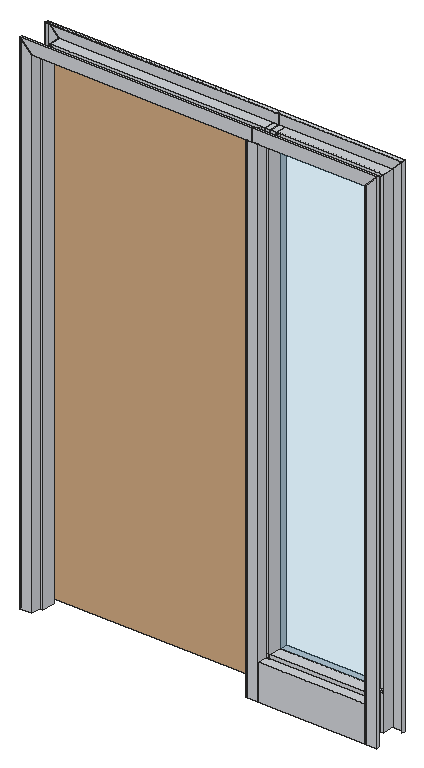
Revit family "Int-F-WDMF-36 x 84-18 LSLT-4 Head", category Doors, host Wall, Revit 2014
Parameters (values of type "Int-F-WDMF-36 x 84-18 LSLT-4 Head")
  Width = Door Panel Width  # 3' - 0"
  Wall Thickness [instance] = 0' - 5 3/4"
  URL = ""
  Type Comments = "EXT,"
  Thickness = 0' - 1 3/4"
  Swing Angle [instance] = 90.00°
  Sidelite Width = P1 Width - 0' 2"  # 1' - 6"
  SDI RO Spacing = 0' - 0"
  SDI Panel 1 Width = Leaf Width + 0' 0 3/16"  # 3' - 0"
  SDI No Panels = ""
  SDI Left Sidelite Width = Sidelite Width  # 1' - 6"
  SDI HW Set [instance] = ""
  SDI HW Item 20 [instance] = ""
  SDI HW Item 19 [instance] = ""
  SDI HW Item 18 [instance] = ""
  SDI HW Item 17 [instance] = ""
  SDI HW Item 16 [instance] = ""
  SDI HW Item 15 [instance] = ""
  SDI HW Item 14 [instance] = ""
  SDI HW Item 13 [instance] = ""
  SDI HW Item 12 [instance] = ""
  SDI HW Item 11 [instance] = ""
  SDI HW Item 10 [instance] = ""
  SDI HW Item 09 [instance] = ""
  SDI HW Item 08 [instance] = ""
  SDI HW Item 07 [instance] = ""
  SDI HW Item 06 [instance] = ""
  SDI HW Item 05 [instance] = ""
  SDI HW Item 04 [instance] = ""
  SDI HW Item 03 [instance] = ""
  SDI HW Item 02 [instance] = ""
  SDI HW Item 01 [instance] = ""
  SDI Glass Material = Glass
  SDI Frame Type = "Left Sidelite"
  SDI Frame Sill Width = 0' - 6"
  SDI Frame Material Type = "Hollow Metal"
  SDI Frame Material = Paint - Generic - Prime
  SDI Frame Manufacturer = ""
  SDI Frame Jamb Width = 0' - 2"
  SDI Frame Head Width = 0' - 2"
  SDI Frame Finish Type = "Painted"
  SDI Frame Finish Color = "Prime"
  SDI Frame Depth [instance] = 0' - 5 3/4"
  SDI Family Version = "1.0"
  SDI Door Panel Type = "F"
  SDI Door Material Type = "Wood"
  SDI Door Material = Stain - SRO - Red Oak 100 Clear
  SDI Door Manufacturer = ""
  SDI Door Finish Type = "SRO"
  SDI Door Finish Color = "Red Oak 100 Clear"
  SDI Door Configuration = "SG"
  SDI Arch Frame Type [instance] = ""
  SDI Arch Frame Material Type [instance] = "HM"
  SDI Arch Door Panel Type [instance] = "F"
  SDI Arch Door Material Type [instance] = "WD"
  SDI Adjacent Wall Placement = 0' - 4"
  Rough Width = Frame Width - 0' 0" + 2 * SDI RO Spacing  # 5' - 0"
  Rough Height = Frame Height - 0' 0" + SDI RO Spacing  # 7' - 2"
  R1 Height = 7' - 0"
  P2 Width = 3' - 2"
  P1 Width = 1' - 8"
  Model = "Int-F-WDMF-36 x 84-18 LSLT-4 Head"
  Manufacturer = ""
  Leaf Width = P2 Width - 0' 2 3/16"  # 2' - 11 13/16"
  Height = Door Panel Height  # 7' - 0"
  Glass Offset [instance] = 0' 2 1/16" + (SDI Frame Depth - 0' 5 3/4") / 2  # 0' - 2 1/16"
  Function = Interior
  Frame Width = P1 Width + P2 Width + 0' 2"  # 5' - 0"
  Frame Offset [instance] = if(Aligned Exterior, SDI Frame Depth / 2, if(Aligned Center, Wall Thickness / 2, if(Aligned Interior, Wall Thickness - SDI Frame Depth + SDI Frame Depth / 2, Aligned Other)))  # 0' - 2 7/8"
  Frame Height = R1 Height + 0' 2"  # 7' - 2"
  Fire Rating = ""
  Exterior Glazing [instance] = no
  Door Panel Width = P2 Width - 0' 2"  # 3' - 0"
  Door Panel Height = R1 Height + 0' 2" - (0' 2")  # 7' - 0"
  Door Offset [instance] = 0' 2 13/16" + (SDI Frame Depth - 0' 5 3/4") / 2  # 0' - 2 13/16"
  Description = "Wood Door with Hollow Metal Frame"
  Cost = 0
  Assembly Code = "C1020320"
  Analytic Construction = "<None>"
  Aligned Other [instance] = 0' - 0"
  Aligned Interior [instance] = no
  Aligned Exterior [instance] = yes
  Aligned Center [instance] = no
  ADA Clearance Lines = no
Reference planes (in)
  plane 1: y = 0
  plane 2 "Center (Left/Right)": x = 0
  plane 3 "Wall Edge": y = 2.875
  plane 4 "Wall Interior": y = -2.875
  plane 5 "ModelRefLevel": z = 0
  plane 6 "FrameDepthPlane": y = 0
  plane 7 "FrameFront": y = 2.875
  plane 8 "FrameBack": y = -2.875
  plane 9 "V0": x = 29
  plane 10 "V1": x = 9
  plane 11 "V2": x = -29
  plane 12 "H0": z = 1
  plane 13 "H1": z = 85
  plane 14 "InTermLeftJamb0": x = 28
  plane 15 "OutTermLeftJamb0": x = 30
  plane 16 "OutsideJamb1": x = 8
  plane 17 "InsideJamb1": x = 10
  plane 18 "InTermRightJamb2": x = -28
  plane 19 "OutTermRightJamb2": x = -30
  plane 20 "D0.151041666666667": y = 1.0625
  plane 21 "D0.109375": y = 1.5625
  plane 22 "DoorLeft": x = 8
  plane 23 "DoorRight": x = -28
  plane 24 "DoorCenter": x = -10
  plane 25 "DoorTop": z = 83.875
  plane 26 "DoorCenterTB": z = 41.9375
  plane 27 "DoorExtFace": y = 2.8125
  plane 28 "DoorGlassFace": y = 2.0625
  plane 29 "LockCenterLine": z = 41.3125
  plane 30 "ActDoorRight": x = -27.90625
  plane 31 "SwingClrPlane": y = 62.875
  plane 32 "SwingPartialPlane": y = 50.875
  plane 33 "LeftAdjWall": x = 34
Forms (in)
  Extrusion 1, solid
    sketch origin (148.6875, 0, 43) x (-1, 0, 0) y (0, -1, 0)
      loop
        line (118.6875, -2.375) -> (118.6875, -2.875) -> (120.6875, -2.875) -> (120.6875, -0.9375) -> (121.3125, -0.9375) -> (121.3125, 1.3125) -> (120.6875, 1.3125) -> (120.6875, 2.875) -> (118.6875, 2.875) -> (118.6875, 2.4375) -> (118.75, 2.4375) -> (118.75, 2.8125) -> (120.625, 2.8125) -> (120.625, 1.25) -> (121.25, 1.25) -> (121.25, -0.875) -> (120.625, -0.875) -> (120.625, -2.8125) -> (118.75, -2.8125) -> (118.75, -2.375) -> (118.6875, -2.375)
    from -43 to 43
  Extrusion 2, void
    sketch origin (0, 2.875, 0) x (1, 0, 0) y (0, 0, 1)
      loop
        line (30, 86) -> (27.375, 86) -> (27.375, 83.375) -> (30, 86)
    from -12 to 12
  Extrusion 3, solid
    sketch origin (129, 0, 42) x (-1, 0, 0) y (0, -1, 0)
      loop
        line (119, -2.875) -> (121, -2.875) -> (121, -0.9375) -> (121.625, -0.9375) -> (121.625, 1.3125) -> (121, 1.3125) -> (121, 2.875) -> (119, 2.875) -> (119, 1.3125) -> (118.375, 1.3125) -> (118.375, -0.9375) -> (119, -0.9375) -> (119, -2.875)
      loop
        line (119.0625, -2.8125) -> (120.9375, -2.8125) -> (120.9375, -0.875) -> (121.5625, -0.875) -> (121.5625, 1.25) -> (120.9375, 1.25) -> (120.9375, 2.8125) -> (119.0625, 2.8125) -> (119.0625, 1.25) -> (118.4375, 1.25) -> (118.4375, -0.875) -> (119.0625, -0.875) -> (119.0625, -2.8125)
    from -42 to 42
  Extrusion 4, solid
    sketch origin (91.3125, 0, 43) x (-1, 0, 0) y (0, -1, 0)
      loop
        line (121.25, -2.375) -> (121.25, -2.8125) -> (119.375, -2.8125) -> (119.375, -0.875) -> (118.75, -0.875) -> (118.75, 1.25) -> (119.375, 1.25) -> (119.375, 2.8125) -> (121.25, 2.8125) -> (121.25, 2.4375) -> (121.3125, 2.4375) -> (121.3125, 2.875) -> (119.3125, 2.875) -> (119.3125, 1.3125) -> (118.6875, 1.3125) -> (118.6875, -0.9375) -> (119.3125, -0.9375) -> (119.3125, -2.875) -> (121.3125, -2.875) -> (121.3125, -2.375) -> (121.25, -2.375)
    from -43 to 43
  Extrusion 5, void
    sketch origin (0, 2.875, 0) x (1, 0, 0) y (0, 0, 1)
      loop
        line (-30, 86) -> (-27.375, 83.375) -> (-27.375, 86) -> (-30, 86)
    from -12 to 12
  Extrusion 6, solid
    sketch origin (19, 0, 3.3125) x (0, 1, 0) y (0, 0, 1)
      loop
        line (2.375, -3.3125) -> (2.875, -3.3125) -> (2.875, 2.6875) -> (0.9375, 2.6875) -> (0.9375, 3.3125) -> (-1.3125, 3.3125) -> (-1.3125, 2.6875) -> (-2.875, 2.6875) -> (-2.875, -3.3125) -> (-2.4375, -3.3125) -> (-2.4375, -3.25) -> (-2.8125, -3.25) -> (-2.8125, 2.625) -> (-1.25, 2.625) -> (-1.25, 3.25) -> (0.875, 3.25) -> (0.875, 2.625) -> (2.8125, 2.625) -> (2.8125, -3.25) -> (2.375, -3.25) -> (2.375, -3.3125)
    from -9 to 9
  Extrusion 7, solid
    sketch origin (19.5, 0, 84.6875) x (0, 1, 0) y (0, 0, 1)
      loop
        line (2.375, 1.25) -> (2.8125, 1.25) -> (2.8125, -0.625) -> (0.875, -0.625) -> (0.875, -1.25) -> (-1.25, -1.25) -> (-1.25, -0.625) -> (-2.8125, -0.625) -> (-2.8125, 1.25) -> (-2.4375, 1.25) -> (-2.4375, 1.3125) -> (-2.875, 1.3125) -> (-2.875, -0.6875) -> (-1.3125, -0.6875) -> (-1.3125, -1.3125) -> (0.9375, -1.3125) -> (0.9375, -0.6875) -> (2.875, -0.6875) -> (2.875, 1.3125) -> (2.375, 1.3125) -> (2.375, 1.25)
    from -10.5 to 10.5
  Extrusion 8, void
    sketch origin (0, 2.875, 0) x (1, 0, 0) y (0, 0, 1)
      loop
        line (30, 86) -> (27.375, 83.375) -> (30, 83.375) -> (30, 86)
    from -12 to 12
  Extrusion 9, solid
    sketch origin (-10.5, 0, 84.6875) x (0, 1, 0) y (0, 0, 1)
      loop
        line (2.375, 1.25) -> (2.8125, 1.25) -> (2.8125, -0.625) -> (0.875, -0.625) -> (0.875, -1.25) -> (-1.25, -1.25) -> (-1.25, -0.625) -> (-2.8125, -0.625) -> (-2.8125, 1.25) -> (-2.4375, 1.25) -> (-2.4375, 1.3125) -> (-2.875, 1.3125) -> (-2.875, -0.6875) -> (-1.3125, -0.6875) -> (-1.3125, -1.3125) -> (0.9375, -1.3125) -> (0.9375, -0.6875) -> (2.875, -0.6875) -> (2.875, 1.3125) -> (2.375, 1.3125) -> (2.375, 1.25)
    from -19.5 to 19.5
  Extrusion 10, void
    sketch origin (0, 2.875, 0) x (1, 0, 0) y (0, 0, 1)
      loop
        line (-30, 86) -> (-30, 83.375) -> (-27.375, 83.375) -> (-30, 86)
    from -12 to 12
  Extrusion 11, solid, material "Glass" <- "SDI Glass Material"
    sketch origin (-60, 1.0625, -12) x (1, 0, 0) y (0, 0, 1)
      loop
        line (88, 18) -> (88, 96) -> (70, 96) -> (70, 18) -> (88, 18)
    from -0.125 to 0.125
  Extrusion 12, solid, material "Glass" <- "SDI Glass Material", visible <- "Exterior Glazing"
    sketch origin (-60, 1.5625, -12) x (1, 0, 0) y (0, 0, 1)
      loop
        line (88, 18) -> (88, 96) -> (70, 96) -> (70, 18) -> (88, 18)
    from -0.125 to 0.125
  Extrusion 13, solid, material "Stain - SRO - Red Oak 100 Clear" <- "SDI Door Material"
    sketch origin (-60, 2.8125, -12) x (1, 0, 0) y (0, 0, 1)
      loop
        line (32.09375, 12.625) -> (67.90625, 12.625) -> (67.90625, 95.875) -> (32.09375, 95.875) -> (32.09375, 12.625)
    from 0 to 1.75
Cuts and joins
  Extrusion 2 cuts Extrusion 1
  Extrusion 5 cuts Extrusion 4
  Extrusion 8 cuts Extrusion 7
  Extrusion 10 cuts Extrusion 9
Lines and regions (in)
  Opening 1
    outline origin (-60, -2.875, 0) x (1, 0, 0) y (0, 0, 1)
      loop
        line (90, 0) -> (90, 86) -> (30, 86) -> (30, 0) -> (90, 0)
  symbolic lines, style "DoorsFrameMullionProjection", detail levels fine
    curve 1: line (30, 2.375, 0) -> (30, 2.875, 0)
    curve 2: line (30, 2.875, 0) -> (28, 2.875, 0)
    curve 3: line (28, 2.875, 0) -> (28, 0.9375, 0)
    curve 4: line (28, 0.9375, 0) -> (27.375, 0.9375, 0)
    curve 5: line (27.375, 0.9375, 0) -> (27.375, -1.3125, 0)
    curve 6: line (27.375, -1.3125, 0) -> (28, -1.3125, 0)
    curve 7: line (28, -1.3125, 0) -> (28, -2.875, 0)
    curve 8: line (28, -2.875, 0) -> (30, -2.875, 0)
    curve 9: line (30, -2.875, 0) -> (30, -2.4375, 0)
    curve 10: line (30, -2.4375, 0) -> (29.9375, -2.4375, 0)
    curve 11: line (29.9375, -2.4375, 0) -> (29.9375, -2.8125, 0)
    curve 12: line (29.9375, -2.8125, 0) -> (28.0625, -2.8125, 0)
    curve 13: line (28.0625, -2.8125, 0) -> (28.0625, -1.25, 0)
    curve 14: line (28.0625, -1.25, 0) -> (27.4375, -1.25, 0)
    curve 15: line (27.4375, -1.25, 0) -> (27.4375, 0.875, 0)
    curve 16: line (27.4375, 0.875, 0) -> (28.0625, 0.875, 0)
    curve 17: line (28.0625, 0.875, 0) -> (28.0625, 2.8125, 0)
    curve 18: line (28.0625, 2.8125, 0) -> (29.9375, 2.8125, 0)
    curve 19: line (29.9375, 2.8125, 0) -> (29.9375, 2.375, 0)
    curve 20: line (29.9375, 2.375, 0) -> (30, 2.375, 0)
    curve 25: line (10, 2.875, 0) -> (8, 2.875, 0)
    curve 26: line (8, 2.875, 0) -> (8, 0.9375, 0)
    curve 27: line (8, 0.9375, 0) -> (7.375, 0.9375, 0)
    curve 28: line (7.375, 0.9375, 0) -> (7.375, -1.3125, 0)
    curve 29: line (7.375, -1.3125, 0) -> (8, -1.3125, 0)
    curve 30: line (8, -1.3125, 0) -> (8, -2.875, 0)
    curve 31: line (8, -2.875, 0) -> (10, -2.875, 0)
    curve 32: line (10, -2.875, 0) -> (10, -1.3125, 0)
    curve 33: line (10, -1.3125, 0) -> (10.625, -1.3125, 0)
    curve 34: line (10.625, -1.3125, 0) -> (10.625, 0.9375, 0)
    curve 35: line (10.625, 0.9375, 0) -> (10, 0.9375, 0)
    curve 36: line (10, 0.9375, 0) -> (10, 2.875, 0)
    curve 37: line (9.9375, 2.8125, 0) -> (8.0625, 2.8125, 0)
    curve 38: line (8.0625, 2.8125, 0) -> (8.0625, 0.875, 0)
    curve 39: line (8.0625, 0.875, 0) -> (7.4375, 0.875, 0)
    curve 40: line (7.4375, 0.875, 0) -> (7.4375, -1.25, 0)
    curve 41: line (7.4375, -1.25, 0) -> (8.0625, -1.25, 0)
    curve 42: line (8.0625, -1.25, 0) -> (8.0625, -2.8125, 0)
    curve 43: line (8.0625, -2.8125, 0) -> (9.9375, -2.8125, 0)
    curve 44: line (9.9375, -2.8125, 0) -> (9.9375, -1.25, 0)
    curve 45: line (9.9375, -1.25, 0) -> (10.5625, -1.25, 0)
    curve 46: line (10.5625, -1.25, 0) -> (10.5625, 0.875, 0)
    curve 47: line (10.5625, 0.875, 0) -> (9.9375, 0.875, 0)
    curve 48: line (9.9375, 0.875, 0) -> (9.9375, 2.8125, 0)
    curve 53: line (-29.9375, 2.375, 0) -> (-29.9375, 2.8125, 0)
    curve 54: line (-29.9375, 2.8125, 0) -> (-28.0625, 2.8125, 0)
    curve 55: line (-28.0625, 2.8125, 0) -> (-28.0625, 0.875, 0)
    curve 56: line (-28.0625, 0.875, 0) -> (-27.4375, 0.875, 0)
    curve 57: line (-27.4375, 0.875, 0) -> (-27.4375, -1.25, 0)
    curve 58: line (-27.4375, -1.25, 0) -> (-28.0625, -1.25, 0)
    curve 59: line (-28.0625, -1.25, 0) -> (-28.0625, -2.8125, 0)
    curve 60: line (-28.0625, -2.8125, 0) -> (-29.9375, -2.8125, 0)
    curve 61: line (-29.9375, -2.8125, 0) -> (-29.9375, -2.4375, 0)
    curve 62: line (-29.9375, -2.4375, 0) -> (-30, -2.4375, 0)
    curve 63: line (-30, -2.4375, 0) -> (-30, -2.875, 0)
    curve 64: line (-30, -2.875, 0) -> (-28, -2.875, 0)
    curve 65: line (-28, -2.875, 0) -> (-28, -1.3125, 0)
    curve 66: line (-28, -1.3125, 0) -> (-27.375, -1.3125, 0)
    curve 67: line (-27.375, -1.3125, 0) -> (-27.375, 0.9375, 0)
    curve 68: line (-27.375, 0.9375, 0) -> (-28, 0.9375, 0)
    curve 69: line (-28, 0.9375, 0) -> (-28, 2.875, 0)
    curve 70: line (-28, 2.875, 0) -> (-30, 2.875, 0)
    curve 71: line (-30, 2.875, 0) -> (-30, 2.375, 0)
    curve 72: line (-30, 2.375, 0) -> (-29.9375, 2.375, 0)
  symbolic lines, style "DoorsFrameMullionProjection", detail levels coarse+medium
    curve 21: line (28, -2.875, 0) -> (30, -2.875, 0)
    curve 22: line (28, 2.875, 0) -> (30, 2.875, 0)
    curve 23: line (28, -2.875, 0) -> (28, 2.875, 0)
    curve 24: line (30, -2.875, 0) -> (30, 2.875, 0)
    curve 49: line (8, -2.875, 0) -> (10, -2.875, 0)
    curve 50: line (8, 2.875, 0) -> (10, 2.875, 0)
    curve 51: line (8, -2.875, 0) -> (8, 2.875, 0)
    curve 52: line (10, -2.875, 0) -> (10, 2.875, 0)
    curve 73: line (-30, -2.875, 0) -> (-28, -2.875, 0)
    curve 74: line (-30, 2.875, 0) -> (-28, 2.875, 0)
    curve 75: line (-30, -2.875, 0) -> (-30, 2.875, 0)
    curve 76: line (-28, -2.875, 0) -> (-28, 2.875, 0)
  symbolic lines, style "Elevation Swing"
    curve 77: line (7.90625, 2.875, 83.875) -> (-27.90625, 2.875, 41.9375)
    curve 78: line (7.90625, 2.875, 0) -> (-27.90625, 2.875, 41.9375)
  symbolic lines, style "ADA Clearance", visible <- "ADA Clearance Lines"
    curve 79: line (-30, 2.875, 0) -> (-30, 62.875, 0)
    curve 80: line (26, 62.875, 0) -> (-30, 62.875, 0)
    curve 81: line (26, 50.875, 0) -> (-30, 50.875, 0)
    curve 82: line (26, 2.875, 0) -> (26, 62.875, 0)
    curve 83: line (-30, -2.875, 0) -> (-30, -50.875, 0)
    curve 84: line (20, -50.875, 0) -> (-30, -50.875, 0)
    curve 85: line (20, -2.875, 0) -> (20, -50.875, 0)
Text (in)
  text "Placement Side" at (0, 40.15149, 123.01588), in view "Right"
  text "Placement Side" at (-70.3804, 28.46503, 0), in view "Ref. Level"
  text "Placement Side" at (0, 81.62555, 140.59947), in view "Left"
Dimensions and locks (in)
  locked: plane 3 "Wall Edge" to host wall
  equal spacing: host wall, plane 2 "Center (Left/Right)", host wall
  "Rough Width": host wall to host wall
  "Rough Height": level to host wall
  equal spacing: plane 3 "Wall Edge", plane 1, plane 4 "Wall Interior"
  "Wall Thickness": host wall to host wall
  "Frame Offset": plane 3 "Wall Edge" to plane 6 "FrameDepthPlane"
  equal spacing: plane 7 "FrameFront", plane 6 "FrameDepthPlane", plane 8 "FrameBack"
  "SDI Frame Depth": plane 7 "FrameFront" to plane 8 "FrameBack"
  equal spacing: plane 9 "V0", plane 2 "Center (Left/Right)", plane 11 "V2"
  "P1 Width": plane 9 "V0" to plane 10 "V1"
  "P2 Width": plane 10 "V1" to plane 11 "V2"
  "R1 Height": plane 12 "H0" to plane 13 "H1"
  locked: plane 13 "H1" to Extrusion 1 at 1
  locked: plane 12 "H0" to Extrusion 1 at 1
  locked: plane 9 "V0" to Extrusion 1 at 1  (x4)
  locked: plane 9 "V0" to Extrusion 1 at 0.9375  (x5)
  locked: plane 9 "V0" to Extrusion 1 at 1.5625
  locked: plane 9 "V0" to Extrusion 1 at 1.625
  locked: plane 9 "V0" to curve 1 at 1
  locked: plane 9 "V0" to curve 2 at 1
  locked: plane 9 "V0" to curve 3 at 1
  locked: plane 9 "V0" to curve 4 at 1
  locked: plane 9 "V0" to curve 5 at 1.625
  locked: plane 9 "V0" to curve 6 at 1.625
  locked: plane 9 "V0" to curve 7 at 1
  locked: plane 9 "V0" to curve 8 at 1
  locked: plane 9 "V0" to curve 9 at 1
  locked: plane 9 "V0" to curve 10 at 1
  locked: plane 9 "V0" to curve 11 at 0.9375
  locked: plane 9 "V0" to curve 12 at 0.9375
  locked: plane 9 "V0" to curve 13 at 0.9375
  locked: plane 9 "V0" to curve 14 at 0.9375
  locked: plane 9 "V0" to curve 15 at 1.5625
  locked: plane 9 "V0" to curve 16 at 1.5625
  locked: plane 9 "V0" to curve 17 at 0.9375
  locked: plane 9 "V0" to curve 18 at 0.9375
  locked: plane 9 "V0" to curve 19 at 0.9375
  locked: plane 9 "V0" to curve 20 at 0.9375
  locked: plane 9 "V0" to plane 15 "OutTermLeftJamb0" at 1
  locked: plane 9 "V0" to plane 14 "InTermLeftJamb0" at 1
  locked: plane 9 "V0" to curve 21 at 1
  locked: plane 9 "V0" to curve 22 at 1
  locked: plane 9 "V0" to curve 23 at 1
  locked: plane 9 "V0" to curve 24 at 1
  locked: plane 13 "H1" to Extrusion 3 at 1
  locked: plane 12 "H0" to Extrusion 3 at 1
  locked: plane 10 "V1" to Extrusion 3 at 1  (x5)
  locked: plane 10 "V1" to Extrusion 3 at 1.625  (x2)
  locked: plane 10 "V1" to Extrusion 3 at 0.9375  (x4)
  locked: plane 10 "V1" to Extrusion 3 at 1.5625  (x2)
  locked: plane 10 "V1" to curve 25 at 1
  locked: plane 10 "V1" to curve 26 at 1
  locked: plane 10 "V1" to curve 27 at 1
  locked: plane 10 "V1" to curve 28 at 1.625
  locked: plane 10 "V1" to curve 29 at 1.625
  locked: plane 10 "V1" to curve 30 at 1
  locked: plane 10 "V1" to curve 31 at 1
  locked: plane 10 "V1" to curve 32 at 1
  locked: plane 10 "V1" to curve 33 at 1
  locked: plane 10 "V1" to curve 34 at 1.625
  locked: plane 10 "V1" to curve 35 at 1.625
  locked: plane 10 "V1" to curve 36 at 1
  locked: plane 10 "V1" to curve 37 at 0.9375
  locked: plane 10 "V1" to curve 38 at 0.9375
  locked: plane 10 "V1" to curve 39 at 0.9375
  locked: plane 10 "V1" to curve 40 at 1.5625
  locked: plane 10 "V1" to curve 41 at 1.5625
  locked: plane 10 "V1" to curve 42 at 0.9375
  locked: plane 10 "V1" to curve 43 at 0.9375
  locked: plane 10 "V1" to curve 44 at 0.9375
  locked: plane 10 "V1" to curve 45 at 0.9375
  locked: plane 10 "V1" to curve 46 at 1.5625
  locked: plane 10 "V1" to curve 47 at 1.5625
  locked: plane 10 "V1" to curve 48 at 0.9375
  locked: plane 10 "V1" to plane 16 "OutsideJamb1" at 1
  locked: plane 10 "V1" to plane 17 "InsideJamb1" at 1
  locked: plane 10 "V1" to curve 49 at 1
  locked: plane 10 "V1" to curve 50 at 1
  locked: plane 10 "V1" to curve 51 at 1
  locked: plane 10 "V1" to curve 52 at 1
  locked: plane 13 "H1" to Extrusion 4 at 1
  locked: plane 12 "H0" to Extrusion 4 at 1
  locked: plane 11 "V2" to Extrusion 4 at 0.9375  (x4)
  locked: plane 11 "V2" to Extrusion 4 at 1  (x5)
  locked: plane 11 "V2" to Extrusion 4 at 1.625
  locked: plane 11 "V2" to Extrusion 4 at 1.5625
  locked: plane 11 "V2" to curve 53 at 0.9375
  locked: plane 11 "V2" to curve 54 at 0.9375
  locked: plane 11 "V2" to curve 55 at 0.9375
  locked: plane 11 "V2" to curve 56 at 0.9375
  locked: plane 11 "V2" to curve 57 at 1.5625
  locked: plane 11 "V2" to curve 58 at 1.5625
  locked: plane 11 "V2" to curve 59 at 0.9375
  locked: plane 11 "V2" to curve 60 at 0.9375
  locked: plane 11 "V2" to curve 61 at 0.9375
  locked: plane 11 "V2" to curve 62 at 0.9375
  locked: plane 11 "V2" to curve 63 at 1
  locked: plane 11 "V2" to curve 64 at 1
  locked: plane 11 "V2" to curve 65 at 1
  locked: plane 11 "V2" to curve 66 at 1
  locked: plane 11 "V2" to curve 67 at 1.625
  locked: plane 11 "V2" to curve 68 at 1.625
  locked: plane 11 "V2" to curve 69 at 1
  locked: plane 11 "V2" to curve 70 at 1
  locked: plane 11 "V2" to curve 71 at 1
  locked: plane 11 "V2" to curve 72 at 1
  locked: plane 11 "V2" to plane 18 "InTermRightJamb2" at 1
  locked: plane 11 "V2" to plane 19 "OutTermRightJamb2" at 1
  locked: plane 11 "V2" to curve 73 at 1
  locked: plane 11 "V2" to curve 74 at 1
  locked: plane 11 "V2" to curve 75 at 1
  locked: plane 11 "V2" to curve 76 at 1
  locked: plane 9 "V0" to Extrusion 6 at 1
  locked: plane 10 "V1" to Extrusion 6 at 1
  locked: plane 12 "H0" to Extrusion 6 at 5  (x2)
  locked: plane 12 "H0" to Extrusion 6 at 5.625
  locked: plane 12 "H0" to Extrusion 6 at 0.9375  (x2)
  locked: plane 12 "H0" to Extrusion 6 at 1  (x3)
  locked: plane 12 "H0" to Extrusion 6 at 4.9375  (x2)
  locked: plane 12 "H0" to Extrusion 6 at 5.5625
  locked: plane 9 "V0" to Extrusion 7 at 1
  locked: plane 13 "H1" to Extrusion 7 at 0.9375  (x5)
  locked: plane 13 "H1" to Extrusion 7 at 1.5625
  locked: plane 13 "H1" to Extrusion 7 at 1  (x4)
  locked: plane 13 "H1" to Extrusion 7 at 1.625
  locked: plane 11 "V2" to Extrusion 9 at 1
  locked: plane 13 "H1" to Extrusion 9 at 0.9375  (x5)
  locked: plane 13 "H1" to Extrusion 9 at 1.5625
  locked: plane 13 "H1" to Extrusion 9 at 1  (x4)
  locked: plane 13 "H1" to Extrusion 9 at 1.625
  locked: plane 7 "FrameFront" to cut or joined group of Extrusion 1, Extrusion 2 at 1.9375
  locked: plane 7 "FrameFront" to cut or joined group of Extrusion 1, Extrusion 2 at 2
  locked: plane 7 "FrameFront" to cut or joined group of Extrusion 1, Extrusion 2 at 0.0625
  locked: plane 7 "FrameFront" to cut or joined group of Extrusion 1, Extrusion 2 at 0.5
  locked: plane 8 "FrameBack" to cut or joined group of Extrusion 1, Extrusion 2 at 1.5625
  locked: plane 8 "FrameBack" to cut or joined group of Extrusion 1, Extrusion 2 at 0.4375
  locked: plane 8 "FrameBack" to cut or joined group of Extrusion 1, Extrusion 2 at 0.0625
  locked: plane 8 "FrameBack" to cut or joined group of Extrusion 1, Extrusion 2 at 1.625
  locked: plane 7 "FrameFront" to Extrusion 3 at 1.9375  (x2)
  locked: plane 7 "FrameFront" to Extrusion 3 at 0.0625
  locked: plane 7 "FrameFront" to Extrusion 3 at 2  (x2)
  locked: plane 8 "FrameBack" to Extrusion 3 at 1.5625  (x2)
  locked: plane 8 "FrameBack" to Extrusion 3 at 1.625  (x2)
  locked: plane 8 "FrameBack" to Extrusion 3 at 0.0625
  locked: plane 7 "FrameFront" to cut or joined group of Extrusion 4, Extrusion 5 at 0.0625
  locked: plane 7 "FrameFront" to cut or joined group of Extrusion 4, Extrusion 5 at 2
  locked: plane 7 "FrameFront" to cut or joined group of Extrusion 4, Extrusion 5 at 1.9375
  locked: plane 7 "FrameFront" to cut or joined group of Extrusion 4, Extrusion 5 at 0.5
  locked: plane 8 "FrameBack" to cut or joined group of Extrusion 4, Extrusion 5 at 1.625
  locked: plane 8 "FrameBack" to cut or joined group of Extrusion 4, Extrusion 5 at 0.0625
  locked: plane 8 "FrameBack" to cut or joined group of Extrusion 4, Extrusion 5 at 0.4375
  locked: plane 8 "FrameBack" to cut or joined group of Extrusion 4, Extrusion 5 at 1.5625
  locked: plane 7 "FrameFront" to Extrusion 6 at 1.9375
  locked: plane 7 "FrameFront" to Extrusion 6 at 2
  locked: plane 7 "FrameFront" to Extrusion 6 at 0.0625
  locked: plane 7 "FrameFront" to Extrusion 6 at 0.5
  locked: plane 8 "FrameBack" to Extrusion 6 at 1.5625
  locked: plane 8 "FrameBack" to Extrusion 6 at 0.4375
  locked: plane 8 "FrameBack" to Extrusion 6 at 0.0625
  locked: plane 8 "FrameBack" to Extrusion 6 at 1.625
  locked: plane 7 "FrameFront" to cut or joined group of Extrusion 7, Extrusion 8 at 0.0625
  locked: plane 7 "FrameFront" to cut or joined group of Extrusion 7, Extrusion 8 at 2
  locked: plane 7 "FrameFront" to cut or joined group of Extrusion 7, Extrusion 8 at 1.9375
  locked: plane 7 "FrameFront" to cut or joined group of Extrusion 7, Extrusion 8 at 0.5
  locked: plane 8 "FrameBack" to cut or joined group of Extrusion 7, Extrusion 8 at 1.625
  locked: plane 8 "FrameBack" to cut or joined group of Extrusion 7, Extrusion 8 at 0.0625
  locked: plane 8 "FrameBack" to cut or joined group of Extrusion 7, Extrusion 8 at 0.4375
  locked: plane 8 "FrameBack" to cut or joined group of Extrusion 7, Extrusion 8 at 1.5625
  locked: plane 7 "FrameFront" to cut or joined group of Extrusion 9, Extrusion 10 at 0.0625
  locked: plane 7 "FrameFront" to cut or joined group of Extrusion 9, Extrusion 10 at 2
  locked: plane 7 "FrameFront" to cut or joined group of Extrusion 9, Extrusion 10 at 1.9375
  locked: plane 7 "FrameFront" to cut or joined group of Extrusion 9, Extrusion 10 at 0.5
  locked: plane 8 "FrameBack" to cut or joined group of Extrusion 9, Extrusion 10 at 1.625
  locked: plane 8 "FrameBack" to cut or joined group of Extrusion 9, Extrusion 10 at 0.0625
  locked: plane 8 "FrameBack" to cut or joined group of Extrusion 9, Extrusion 10 at 0.4375
  locked: plane 8 "FrameBack" to cut or joined group of Extrusion 9, Extrusion 10 at 1.5625
  locked: plane 7 "FrameFront" to curve 4 at 1.9375
  locked: plane 7 "FrameFront" to curve 16 at 2
  locked: plane 7 "FrameFront" to curve 18 at 0.0625
  locked: plane 7 "FrameFront" to curve 20 at 0.5
  locked: plane 7 "FrameFront" to curve 27 at 1.9375
  locked: plane 7 "FrameFront" to curve 35 at 1.9375
  locked: plane 7 "FrameFront" to curve 37 at 0.0625
  locked: plane 7 "FrameFront" to curve 39 at 2
  locked: plane 7 "FrameFront" to curve 47 at 2
  locked: plane 7 "FrameFront" to curve 54 at 0.0625
  locked: plane 7 "FrameFront" to curve 56 at 2
  locked: plane 7 "FrameFront" to curve 68 at 1.9375
  locked: plane 7 "FrameFront" to curve 72 at 0.5
  locked: plane 8 "FrameBack" to curve 6 at 1.5625
  locked: plane 8 "FrameBack" to curve 10 at 0.4375
  locked: plane 8 "FrameBack" to curve 12 at 0.0625
  locked: plane 8 "FrameBack" to curve 14 at 1.625
  locked: plane 8 "FrameBack" to curve 29 at 1.5625
  locked: plane 8 "FrameBack" to curve 33 at 1.5625
  locked: plane 8 "FrameBack" to curve 41 at 1.625
  locked: plane 8 "FrameBack" to curve 43 at 0.0625
  locked: plane 8 "FrameBack" to curve 45 at 1.625
  locked: plane 8 "FrameBack" to curve 58 at 1.625
  locked: plane 8 "FrameBack" to curve 60 at 0.0625
  locked: plane 8 "FrameBack" to curve 62 at 0.4375
  locked: plane 8 "FrameBack" to curve 66 at 1.5625
  locked: plane 7 "FrameFront" to Extrusion 11 at 1.9375
  locked: plane 7 "FrameFront" to Extrusion 11 at 1.6875
  locked: plane 7 "FrameFront" to Extrusion 12 at 1.4375
  locked: plane 7 "FrameFront" to Extrusion 12 at 1.1875
  locked: plane 10 "V1" to plane 22 "DoorLeft" at 1
  locked: plane 11 "V2" to plane 23 "DoorRight" at 1
  locked: plane 13 "H1" to plane 25 "DoorTop" at 1.125
  equal spacing: plane 25 "DoorTop", plane 26 "DoorCenterTB", plane 5 "ModelRefLevel"
  "Door Offset": plane 6 "FrameDepthPlane" to plane 27 "DoorExtFace"
  "Glass Offset": plane 6 "FrameDepthPlane" to plane 28 "DoorGlassFace"
  locked: plane 29 "LockCenterLine" to plane 5 "ModelRefLevel" at 41.3125
  locked: Extrusion 13 to Extrusion 13 at 1.75
  locked: plane 22 "DoorLeft" to Extrusion 13 at 0.09375
  locked: plane 23 "DoorRight" to Extrusion 13 at 0.09375
  locked: plane 5 "ModelRefLevel" to Extrusion 13 at 0.625
  locked: plane 23 "DoorRight" to plane 30 "ActDoorRight" at 0.09375
  locked: plane 3 "Wall Edge" to plane 31 "SwingClrPlane" at 60
  locked: plane 3 "Wall Edge" to plane 32 "SwingPartialPlane" at 48
  "SDI Adjacent Wall Placement": plane 15 "OutTermLeftJamb0" to plane 33 "LeftAdjWall"
  aligned and locked: plane 4 "Wall Interior" to host wall
  aligned and locked: Extrusion 7 to plane 10 "V1"
  aligned and locked: plane 10 "V1" to Extrusion 9
  aligned and locked: cut or joined group of Extrusion 1, Extrusion 2 to plane 7 "FrameFront"
  aligned and locked: plane 8 "FrameBack" to cut or joined group of Extrusion 1, Extrusion 2
  aligned and locked: Extrusion 3 to plane 7 "FrameFront"
  aligned and locked: plane 8 "FrameBack" to Extrusion 3
  aligned and locked: cut or joined group of Extrusion 4, Extrusion 5 to plane 7 "FrameFront"
  aligned and locked: plane 8 "FrameBack" to cut or joined group of Extrusion 4, Extrusion 5
  aligned and locked: Extrusion 6 to plane 7 "FrameFront"
  aligned and locked: plane 8 "FrameBack" to Extrusion 6
  aligned and locked: cut or joined group of Extrusion 7, Extrusion 8 to plane 7 "FrameFront"
  aligned and locked: plane 8 "FrameBack" to cut or joined group of Extrusion 7, Extrusion 8
  aligned and locked: cut or joined group of Extrusion 9, Extrusion 10 to plane 7 "FrameFront"
  aligned and locked: plane 8 "FrameBack" to cut or joined group of Extrusion 9, Extrusion 10
  aligned and locked: curve 2 to plane 7 "FrameFront"
  aligned and locked: plane 7 "FrameFront" to curve 22
  aligned and locked: curve 25 to plane 7 "FrameFront"
  aligned and locked: plane 7 "FrameFront" to curve 50
  aligned and locked: curve 70 to plane 7 "FrameFront"
  aligned and locked: plane 7 "FrameFront" to curve 74
  aligned and locked: plane 8 "FrameBack" to curve 8
  aligned and locked: plane 8 "FrameBack" to curve 31
  aligned and locked: plane 8 "FrameBack" to curve 64
  aligned and locked: Extrusion 13 to plane 27 "DoorExtFace"
  aligned and locked: Extrusion 13 to plane 25 "DoorTop"
  aligned and locked: plane 7 "FrameFront" to nested 1
  aligned and locked: plane 30 "ActDoorRight" to nested 1
  aligned and locked: curve 80 to plane 31 "SwingClrPlane"
  aligned and locked: curve 81 to plane 32 "SwingPartialPlane"
Automatic sketch dimensions
  Opening 1 sketch curve to level = 0' - 0"
  Opening 1 sketch curve to plane 2 "Center (Left/Right)" = 2' - 6"
  plane 2 "Center (Left/Right)" to Opening 1 sketch curve = 2' - 6"
  level to Opening 1 sketch curve = 7' - 2"
  Extrusion 2 sketch curve to plane 9 "V0" = 0' - 1 5/8"
  plane 9 "V0" to Extrusion 2 sketch curve = 0' - 1"
  plane 13 "H1" to Extrusion 2 sketch curve = 0' - 1 5/8"
  Extrusion 2 sketch curve to plane 13 "H1" = 0' - 1"
  Extrusion 1 sketch curve to host wall = 0' - 0"
  host wall to Extrusion 1 sketch curve = 0' - 0"
  Extrusion 1 sketch curve to host wall = 0' - 0 1/2"
  plane 2 "Center (Left/Right)" to Extrusion 1 sketch curve = 2' - 6"  (x2)
  Extrusion 1 sketch curve to host wall = 0' - 0 7/16"
  Extrusion 1 sketch curve to Extrusion 1 sketch curve = 0' - 0 1/16"  (x7)
  plane 2 "Center (Left/Right)" to Extrusion 1 sketch curve = 2' - 4 1/16"  (x2)
  Extrusion 1 sketch curve to host wall = 0' - 0 1/16"  (x2)
  Extrusion 1 sketch curve to Extrusion 1 sketch curve = 0' - 0 9/16"
  Extrusion 1 sketch curve to host wall = 0' - 0 15/16"
  host wall to Extrusion 1 sketch curve = 0' - 1 1/4"
  plane 9 "V0" to curve 1 = 0' - 1"
  curve 3 to curve 4 = 0' - 0 5/8"
  curve 7 to plane 9 "V0" = 0' - 1"
  curve 9 to curve 10 = 0' - 0 1/16"
  curve 12 to curve 7 = 0' - 0 1/16"
  curve 14 to curve 5 = 0' - 0 1/16"
  curve 16 to curve 3 = 0' - 0 1/16"
  curve 1 to curve 18 = 0' - 0 1/16"
  Extrusion 3 sketch curve to host wall = 0' - 0"
  host wall to Extrusion 3 sketch curve = 0' - 0"
  plane 2 "Center (Left/Right)" to Extrusion 3 sketch curve = 0' - 10 5/8"
  Extrusion 3 sketch curve to Extrusion 3 sketch curve = 0' - 0 1/16"  (x10)
  plane 2 "Center (Left/Right)" to Extrusion 3 sketch curve = 0' - 10"
  Extrusion 3 sketch curve to Extrusion 3 sketch curve = 0' - 0 9/16"  (x2)
  Extrusion 3 sketch curve to host wall = 0' - 0 1/16"  (x2)
  plane 2 "Center (Left/Right)" to Extrusion 3 sketch curve = 0' - 8 1/16"  (x2)
  Extrusion 3 sketch curve to host wall = 0' - 0 15/16"  (x2)
  host wall to Extrusion 3 sketch curve = 0' - 1 1/4"  (x2)
  curve 26 to curve 27 = 0' - 0 5/8"
  curve 33 to curve 32 = 0' - 0 5/8"
  curve 36 to curve 37 = 0' - 0 1/16"
  curve 37 to curve 25 = 0' - 0 1/16"
  curve 39 to curve 27 = 0' - 0 1/16"
  curve 41 to curve 29 = 0' - 0 1/16"
  curve 32 to curve 44 = 0' - 0 1/16"
  curve 34 to curve 46 = 0' - 0 1/16"
  curve 50 to plane 17 "InsideJamb1" = 0' - 0"
  curve 51 to plane 16 "OutsideJamb1" = 0' - 0"
  Extrusion 5 sketch curve to plane 11 "V2" = 0' - 1"
  plane 11 "V2" to Extrusion 5 sketch curve = 0' - 1 5/8"
  plane 13 "H1" to Extrusion 5 sketch curve = 0' - 1 5/8"
  Extrusion 5 sketch curve to plane 13 "H1" = 0' - 1"
  host wall to Extrusion 4 sketch curve = 0' - 0"
  Extrusion 4 sketch curve to host wall = 0' - 0"
  Extrusion 4 sketch curve to plane 2 "Center (Left/Right)" = 2' - 3 3/8"
  Extrusion 4 sketch curve to Extrusion 4 sketch curve = 0' - 0 1/16"  (x7)
  Extrusion 4 sketch curve to Extrusion 4 sketch curve = 0' - 0 9/16"  (x2)
  Extrusion 4 sketch curve to host wall = 0' - 0 7/16"
  Extrusion 4 sketch curve to plane 2 "Center (Left/Right)" = 2' - 5 15/16"  (x2)
  Extrusion 4 sketch curve to host wall = 0' - 0 1/2"
  Extrusion 4 sketch curve to host wall = 0' - 0 1/16"  (x2)
  Extrusion 4 sketch curve to host wall = 0' - 0 15/16"
  host wall to Extrusion 4 sketch curve = 0' - 1 1/4"
  plane 11 "V2" to curve 54 = 0' - 0 15/16"
  curve 56 to curve 55 = 0' - 0 5/8"
  curve 60 to plane 11 "V2" = 0' - 0 15/16"
  curve 61 to curve 62 = 0' - 0 1/16"
  curve 65 to curve 58 = 0' - 0 1/16"
  curve 66 to curve 57 = 0' - 0 1/16"
  curve 68 to curve 55 = 0' - 0 1/16"
  curve 53 to curve 70 = 0' - 0 1/16"
  Extrusion 6 sketch curve to host wall = 0' - 0"  (x2)
  Extrusion 6 sketch curve to host wall = 0' - 0 1/16"  (x2)
  Extrusion 6 sketch curve to Extrusion 6 sketch curve = 0' - 0 3/8"
  host wall to Extrusion 6 sketch curve = 0' - 1 5/16"
  Extrusion 6 sketch curve to Extrusion 6 sketch curve = 0' - 0 1/16"  (x7)
  Extrusion 6 sketch curve to host wall = 0' - 0 7/8"
  Extrusion 6 sketch curve to Extrusion 6 sketch curve = 0' - 0 1/2"
  Extrusion 6 sketch curve to level = 0' - 0"  (x2)
  Extrusion 6 sketch curve to plane 12 "H0" = 0' - 4 15/16"  (x2)
  Extrusion 6 sketch curve to Extrusion 6 sketch curve = 0' - 0 9/16"
  Extrusion 8 sketch curve to plane 15 "OutTermLeftJamb0" = 0' - 0"
  Extrusion 8 sketch curve to plane 14 "InTermLeftJamb0" = 0' - 0 5/8"
  plane 13 "H1" to Extrusion 8 sketch curve = 0' - 1 5/8"
  Extrusion 8 sketch curve to plane 13 "H1" = 0' - 1"
  Extrusion 7 sketch curve to host wall = 0' - 0"  (x2)
  Extrusion 7 sketch curve to host wall = 0' - 0 1/16"  (x2)
  Extrusion 7 sketch curve to Extrusion 7 sketch curve = 0' - 0 3/8"
  host wall to Extrusion 7 sketch curve = 0' - 1 5/16"
  Extrusion 7 sketch curve to Extrusion 7 sketch curve = 0' - 0 1/16"  (x7)
  Extrusion 7 sketch curve to host wall = 0' - 0 7/8"
  Extrusion 7 sketch curve to host wall = 0' - 0 1/2"
  level to Extrusion 7 sketch curve = 6' - 11 3/8"
  Extrusion 7 sketch curve to Extrusion 7 sketch curve = 0' - 0 9/16"  (x2)
  Extrusion 7 sketch curve to plane 12 "H0" = 7' - 0 15/16"  (x2)
  Extrusion 10 sketch curve to plane 19 "OutTermRightJamb2" = 0' - 0"
  plane 18 "InTermRightJamb2" to Extrusion 10 sketch curve = 0' - 0 5/8"
  plane 13 "H1" to Extrusion 10 sketch curve = 0' - 1 5/8"
  Extrusion 10 sketch curve to plane 13 "H1" = 0' - 1"
  Extrusion 9 sketch curve to host wall = 0' - 0"  (x2)
  Extrusion 9 sketch curve to host wall = 0' - 0 1/16"  (x2)
  Extrusion 9 sketch curve to Extrusion 9 sketch curve = 0' - 0 3/8"
  host wall to Extrusion 9 sketch curve = 0' - 1 5/16"
  Extrusion 9 sketch curve to Extrusion 9 sketch curve = 0' - 0 1/16"  (x7)
  Extrusion 9 sketch curve to host wall = 0' - 0 7/8"
  Extrusion 9 sketch curve to host wall = 0' - 0 1/2"
  level to Extrusion 9 sketch curve = 6' - 11 3/8"
  Extrusion 9 sketch curve to Extrusion 9 sketch curve = 0' - 0 9/16"  (x2)
  Extrusion 9 sketch curve to plane 12 "H0" = 7' - 0 15/16"  (x2)
  Extrusion 11 sketch curve to plane 17 "InsideJamb1" = 0' - 0"
  Extrusion 11 sketch curve to plane 14 "InTermLeftJamb0" = 0' - 0"
  Extrusion 11 sketch curve to plane 12 "H0" = 0' - 5"
  plane 13 "H1" to Extrusion 11 sketch curve = 0' - 1"
  Extrusion 12 sketch curve to plane 17 "InsideJamb1" = 0' - 0"
  Extrusion 12 sketch curve to plane 14 "InTermLeftJamb0" = 0' - 0"
  Extrusion 12 sketch curve to plane 12 "H0" = 0' - 5"
  plane 13 "H1" to Extrusion 12 sketch curve = 0' - 1"
  Extrusion 13 sketch curve to plane 25 "DoorTop" = 0' - 0"
  plane 18 "InTermRightJamb2" to Extrusion 13 sketch curve = 0' - 0 3/32"
  Extrusion 13 sketch curve to plane 16 "OutsideJamb1" = 0' - 0 3/32"
  plane 12 "H0" to Extrusion 13 sketch curve = 0' - 0 3/8"
  curve 77 to plane 25 "DoorTop" = 0' - 0"
  curve 77 to plane 16 "OutsideJamb1" = 0' - 0 3/32"
  curve 78 to plane 26 "DoorCenterTB" = 0' - 0"
  curve 78 to plane 30 "ActDoorRight" = 0' - 0"
  curve 78 to level = 0' - 0"
  curve 78 to plane 16 "OutsideJamb1" = 0' - 0 3/32"
  curve 79 to host wall = 0' - 0"
  curve 81 to plane 19 "OutTermRightJamb2" = 0' - 0"
  curve 82 to host wall = 0' - 0"
  curve 82 to plane 14 "InTermLeftJamb0" = 0' - 2"
  host wall to curve 83 = 0' - 0"
  host wall to curve 83 = 4' - 0"
  curve 84 to plane 19 "OutTermRightJamb2" = 0' - 0"
  curve 84 to plane 14 "InTermLeftJamb0" = 0' - 8"
  host wall to curve 85 = 0' - 0"
Nested families (in)
  nested 1: "SingleDoorPlanLines" at (-27.90625, 2.875, 0.625) x (-1, 0, 0) z (0, 0, 1), type "SingleDoorPlanLines"
Definition of nested family "SingleDoorPlanLines"
  Parameters (values of type "SingleDoorPlanLines")
    Width = 3' - 0"
    URL = ""
    Thickness = 0' - 1 3/4"
    Analytic Construction = "<None>"
    Swing Angle = 90.00°
  Reference planes (in)
    plane 1 "Front": y = 0
    plane 2: z = 0
    plane 3 "Right": x = 0
    plane 4 "Left": x = -36
  Lines and regions (in)
    symbolic lines, style "DoorsPanelProjection"
      curve 1: line (0, 0, 0) -> (0, 36, 0)
      curve 2: line (0, 36, 0) -> (-1.75, 36, 0)
      curve 3: line (-1.75, 36, 0) -> (-1.75, 0, 0)
      curve 4: line (-1.75, 0, 0) -> (0, 0, 0)
    model lines, style "InvisibleLines", not visible
      curve 5: line (0, 0, 0) -> (-38.99851, -0.34033, 0)
    symbolic lines, style "Plan Swing"
      curve 6: arc (-35.99863, -0.31416, 0) -> (-25.56667, 25.34453, 0) -> (0, 36, 0) r 36
  Dimensions and locks (in)
    "Thickness": curve 3 to curve 1
    "Width": curve 2 to curve 4
    "Width": plane 4 "Left" to plane 3 "Right"
    "Swing Angle": angle curve 1 to plane 1 "Front"
    locked: plane 1 "Front" to curve 5 (angle 0.50°)
  Automatic sketch dimensions
    curve 6 to plane 1 "Front" = 0' - 0"
    curve 6 to plane 3 "Right" = 0' - 0"
    curve 4 to plane 1 "Front" = 0' - 0"
    curve 4 to plane 3 "Right" = 0' - 0"
